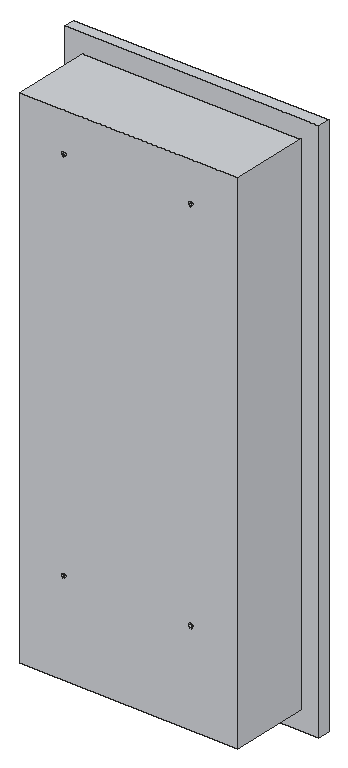
Revit family "AX8943E102-OPEN_0003", category Appareils sanitaires, Revit 2016
Family settings
  Hôte = Mur
  Type d'élément = Normal
  Cote de connecteur circulaire = Utiliser le diamètre
  Numéro OmniClass = 23.75.00.00
  Titre OmniClass = Climate Control (HVAC)
  Toujours verticalement = Oui
  Couper avec des vides une fois chargée = Non
  Partagée = Non
  Point de calcul de pièce = Non
Parameters (values of type "Type 1")
  URL = "https://www.axeuro.com/fr/poubelles/25530-poubelle-murale-a-encastrer-ax8943e102-open.html?search_query=ax8943&results=4"
  Modèle = "AX8943E102-OPEN"  # constant formula
  Matériaux = "En inox 304 (18/10) Bactériostatique"  # constant formula
  Finition = "Brossé Poli Satiné HyperPolish"  # constant formula
  Fabricant = "Axeuro"  # constant formula
  Description = "Poubelle murale"  # constant formula
Reference planes
  plane 1 "Mur": y = 0
  plane 2 "Centre (gauche/droite)": x = 0
  plane 3 "Arrière": y = 75
Forms (mm)
  Extrusion 1, solid
    sketch origin (-85, -99.031, 0) x (0, 1, 0) y (0, 0, 1)
      loop
        line (174.031, 1739.299) -> (174.031, 1028.291) -> (189.031, 1028.291) -> (189.031, 1739.299) -> (174.031, 1739.299)
    from -80 to 250
  Extrusion 2, void
    sketch origin (552.568, -24.031, 153.664) x (1, 0, 0) y (0, 0, 1)
      loop
        line (-434.68, 1545.635) -> (-670.457, 1545.635)
        arc (-670.457, 1545.635) -> (-675.486, 1543.552) -> (-677.568, 1538.524) r 7.111
        line (-677.568, 1538.524) -> (-677.568, 1432.747)
        arc (-677.568, 1432.747) -> (-675.486, 1427.718) -> (-670.457, 1425.635) r 7.111
        line (-670.457, 1425.635) -> (-434.68, 1425.635)
        arc (-434.68, 1425.635) -> (-429.651, 1427.718) -> (-427.568, 1432.747) r 7.111
        line (-427.568, 1432.747) -> (-427.568, 1538.524)
        arc (-427.568, 1538.524) -> (-429.651, 1543.552) -> (-434.68, 1545.635) r 7.111
    from -114.031 to -112.031
  Sweep 3, solid
    path origin (125.534, -20.08, 1091.574) x (1, 0, 0) y (0, 0, 1)
      loop
        circle (0, 292.183) r 7.9
    profile origin (125.534, -20.08, 1375.857) x (0, 0, 1) y (0, -1, 0)
      loop
        line (0.02, -110.08) -> (-3.566, -110.08)
        arc (-3.566, -110.08) -> (-2.623, -113.276) -> (0.02, -115.306) r 5.389
        line (0.02, -115.306) -> (0.02, -110.08)
  Extrusion 4, solid
    sketch origin (133.414, -20, 1103.06) x (1, 0, 0) y (0, 0, 1)
      loop
        circle (-7.88, 280.697) r 7.9
    from -115.226 to -110
  Extrusion 5, void
    sketch origin (406.218, -20, 1383.768) x (0, 0, 1) y (-1, 0, 0)
      loop
        line (1.292, 286.514) -> (-1.316, 286.514) -> (-1.316, 274.878) -> (1.292, 274.878) -> (1.292, 286.514)
    from -115.226 to -113.463
  Extrusion 6, solid
    sketch origin (0, -205, 0) x (1, 0, 0) y (0, 1, 0)
      loop
        line (-141, 280) -> (-141, 178) -> (141, 178) -> (141, 280) -> (-141, 280)
    from 1052.295 to 1715.295
  Extrusion 7, void
    sketch origin (0, -205, 16) x (1, 0, 0) y (0, 0, 1)
      loop
        circle (-83.996, 1647.698) r 3
    from -180 to -178
  Extrusion 8, void
    sketch origin (165, -205, 16) x (1, 0, 0) y (0, 0, 1)
      loop
        circle (-83.996, 1647.698) r 3
    from -180 to -178
  Extrusion 9, void
    sketch origin (0, -205, -474) x (1, 0, 0) y (0, 0, 1)
      loop
        circle (-83.996, 1647.698) r 3
    from -180 to -178
  Extrusion 10, void
    sketch origin (165, -205, -474) x (1, 0, 0) y (0, 0, 1)
      loop
        circle (-83.996, 1647.698) r 3
    from -180 to -178
  Extrusion 11, void
    sketch origin (0, 75, 0) x (1, 0, 0) y (0, 0, 1)
      loop
        line (139, 1713.295) -> (-139, 1713.295) -> (-139, 1054.295) -> (139, 1054.295) -> (139, 1713.295)
    from -13 to 100
Cuts and joins
  Extrusion 2, Extrusion 11 cuts Extrusion 1
  Extrusion 5 cuts Extrusion 4
  Extrusion 7, Extrusion 8, Extrusion 9, Extrusion 10 cuts Extrusion 6
Text (mm)
  text "Côté de la mise en place" at (-1820.995, 1116.779, 0), in view "Niveau de réf."
  text "Côté de la mise en place" at (0, 1334.055, 2976.191), in view "Gauche"
  text "Côté de la mise en place" at (0, 439.194, 2944.362), in view "Droite"
Dimensions and locks
  locked: plane 3 "Arrière" to host wall
  aligned and locked: plane 1 "Mur" to host wall
